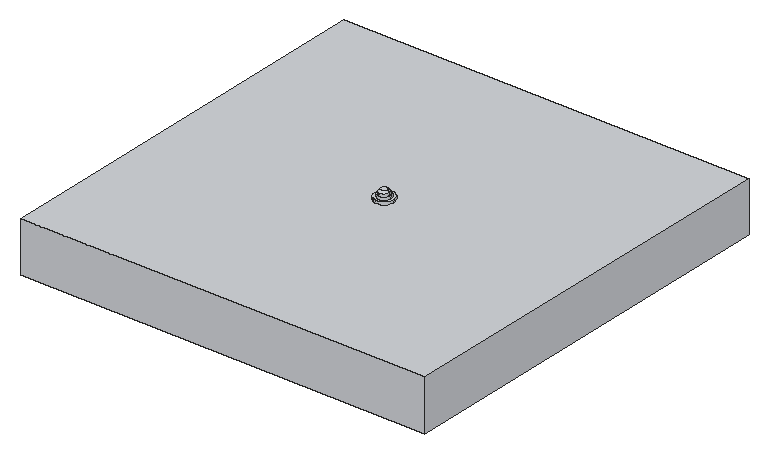
Revit family "M_Taxa de aumento do detector de calor", category Dispositivos de alarme de incêndio, Revit 2019
Family settings
  Hospedeiro = Face
  Manter orientação da anotação = Não
  Cota do conector redondo = Utilizar diâmetro
  Tipo de parte = Normal
  Número OmniClass = 23.85.30.21.11.11
  Título OmniClass = Fire/Smoke Detectors
  ID de item do Seek = Rate of Rise Heat Detector-0000-CAN-ENU
  Corte com vazios quando carregada = Não
  Compartilhado = Não
  Ponto de cálculo do ambiente = Não
Parameters (values of type "Padrão")
  Raio 2 = 19 mm
  Raio 3 = 29 mm
  Raio 1 = 38 mm
  Raio = Diâmetro * 0.5  # 58 mm
  Legenda = ""
  Diâmetro = 116 mm
  Material do detector = none
  Comprimento 3 = 13 mm
  Comprimento 2 = 13 mm
  Comprimento 1 = 13 mm
  Comprimento = 51 mm
  Elevação-padrão = 1200 mm
Types (4, lengths in mm): name | Legenda | Elevação-padrão
  (no name) | "" | 1200
  Padrão | "" | 1200
  200F | "200°" | 1219
  135F | "135°" | 1219
Reference planes
  plane 1 "Centro (Frente/Trás)": y = 0
  plane 2: z = 0
  plane 3 "Centro (Esquerda/Direita)": x = 0
  plane 4: z = 13
  plane 5: z = 51
  plane 6: z = 39
  plane 7: z = 26
Forms (mm)
  Extrusion 1, solid
    sketch origin (0, 0, 0) x (1, 0, 0) y (0, 1, 0)
      loop
        line (-1219.2, 1219.2) -> (-1219.2, -1219.2) -> (1219.2, -1219.2) -> (1219.2, 1219.2) -> (-1219.2, 1219.2)
    from 0 to -304.8
  Extrusion 2, solid, material <- "Material do detector"
    sketch origin (0, 0, 0) x (1, 0, 0) y (0, 1, 0)
      loop
        circle (0, 0) r 58
    from 0 to 13
  Extrusion 3, solid, material <- "Material do detector"
    sketch origin (0, 0, 0) x (1, 0, 0) y (0, 1, 0)
      loop
        circle (0, 0) r 38
    from 13 to 26
  Blend 4, solid, material <- "Material do detector"
    base sketch origin (0, 0, 0) x (1, 0, 0) y (0, 1, 0)
      loop
        circle (0, 0) r 29
    top sketch origin (0, 0, 0) x (1, 0, 0) y (0, 1, 0)
      loop
        circle (0, 0) r 19
    from 39 to 51
  Extrusion 5, solid, material <- "Material do detector"
    sketch origin (0, 0, 0) x (1, 0, 0) y (0, 1, 0)
      loop
        circle (0, 0) r 29
    from 26 to 39
Cuts and joins
  joined: Extrusion 2, Extrusion 3, Blend 4, Extrusion 5
Lines and regions (mm)
  symbolic lines, detail levels fine
    curve 1: arc (-58, 0, 0) -> (0, -58, 0) -> (58, 0, 0) r 58
    curve 2: arc (58, 0, 0) -> (0, 58, 0) -> (-58, 0, 0) r 58
    curve 3: arc (38, 0, 0) -> (0, 38, 0) -> (-38, 0, 0) r 38
    curve 4: arc (-38, 0, 0) -> (0, -38, 0) -> (38, 0, 0) r 38
    curve 5: arc (-29, 0, 0) -> (0, -29, 0) -> (29, 0, 0) r 29
    curve 6: arc (29, 0, 0) -> (0, 29, 0) -> (-29, 0, 0) r 29
    curve 7: arc (19, 0, 0) -> (0, 19, 0) -> (-19, 0, 0) r 19
    curve 8: arc (-19, 0, 0) -> (0, -19, 0) -> (19, 0, 0) r 19
Dimensions and locks
  "Comprimento 1": plane 4 to level
  "Comprimento": plane 5 to level
  "Comprimento 2": plane 7 to plane 4
  "Comprimento 3": plane 6 to plane 7
  "Raio": radius of Extrusion 2 sketch curve
  "Raio 1": radius of Extrusion 3 sketch curve
  "Raio 3": radius of Blend 4 sketch curve
  "Raio 2": radius of Blend 4 sketch curve
  "Raio 3": radius of Extrusion 5 sketch curve
  aligned and locked: plane 2 to Extrusion 1
  aligned and locked: level to Extrusion 1
  aligned and locked: Extrusion 2 to plane 2
  aligned and locked: plane 4 to Extrusion 2
  aligned and locked: Extrusion 3 to plane 4
  aligned and locked: plane 1 "Centro (Frente/Trás)" to Blend 4 sketch curve  (x2)
  aligned and locked: plane 3 "Centro (Esquerda/Direita)" to Blend 4 sketch curve  (x2)
  aligned and locked: plane 5 to Blend 4
  aligned and locked: Blend 4 to plane 6
  aligned and locked: Blend 4 to plane 5
  aligned and locked: plane 1 "Centro (Frente/Trás)" to Extrusion 2 sketch curve
  aligned and locked: plane 3 "Centro (Esquerda/Direita)" to Extrusion 2 sketch curve
  aligned and locked: plane 1 "Centro (Frente/Trás)" to Extrusion 3 sketch curve
  aligned and locked: plane 3 "Centro (Esquerda/Direita)" to Extrusion 3 sketch curve
  aligned and locked: plane 1 "Centro (Frente/Trás)" to Extrusion 5 sketch curve
  aligned and locked: plane 3 "Centro (Esquerda/Direita)" to Extrusion 5 sketch curve
  aligned and locked: plane 6 to Extrusion 5
  aligned and locked: plane 7 to cut or joined group of Extrusion 2, Extrusion 3, Blend 4, Extrusion 5  (x2)
  aligned and locked: cut or joined group of Extrusion 2, Extrusion 3, Blend 4, Extrusion 5 to plane 7
  aligned and locked: curve 1 to cut or joined group of Extrusion 2, Extrusion 3, Blend 4, Extrusion 5
  aligned and locked: curve 2 to cut or joined group of Extrusion 2, Extrusion 3, Blend 4, Extrusion 5
  aligned and locked: curve 3 to cut or joined group of Extrusion 2, Extrusion 3, Blend 4, Extrusion 5
  aligned and locked: curve 4 to cut or joined group of Extrusion 2, Extrusion 3, Blend 4, Extrusion 5
  aligned and locked: curve 5 to cut or joined group of Extrusion 2, Extrusion 3, Blend 4, Extrusion 5
  aligned and locked: curve 6 to cut or joined group of Extrusion 2, Extrusion 3, Blend 4, Extrusion 5
  aligned and locked: curve 7 to cut or joined group of Extrusion 2, Extrusion 3, Blend 4, Extrusion 5
  aligned and locked: curve 8 to cut or joined group of Extrusion 2, Extrusion 3, Blend 4, Extrusion 5
  aligned and locked: plane 1 "Centro (Frente/Trás)" to nested 1
  aligned and locked: nested 1 to plane 3 "Centro (Esquerda/Direita)"
Automatic sketch dimensions
  Extrusion 1 sketch curve to Extrusion 1 sketch curve = 2438.4 mm  (x2)
Nested families
  nested 1: "M_Anotação de detector de calor 1" at (0, 0, 0), type "Anotação do detector de calor 1", detail levels coarse+medium
Connectors
  electrical at (0, 0, 0)
    settings: on Extrusion 2, index 1, voltage 0 V, apparent load 0 VA, apparent load phase1 0 VA, apparent load phase2 0 VA, apparent load phase3 0 VA, power factor 1, load classification "Outros", number of poles 1, system type 11, power factor state 1, is connector primary yes, connector utility no, sub classification motor no, connector description ""
Definition of nested family "M_Anotação de detector de calor 1"
  Parameters
    Legenda 2 = ""
    Legenda 1 = "R"
  Reference planes
    plane 1: y = 0
    plane 2: x = 0
  Lines and regions (mm)
    reference lines
      curve 1: line (-15.09, 1.588, 0) -> (26.249, 1.587, 0)
    detail lines
      curve 2: line (0, 1.588, 0) -> (-1.375, 0.794, 0)
      curve 3: line (-1.375, 0.794, 0) -> (-1.375, -0.794, 0)
      curve 4: line (-1.375, -0.794, 0) -> (0, -1.588, 0)
      curve 5: line (0, -1.588, 0) -> (1.375, -0.794, 0)
      curve 6: line (1.375, -0.794, 0) -> (1.375, 0.794, 0)
      curve 7: line (1.375, 0.794, 0) -> (0, 1.588, 0)
  Text (mm)
    label "F" at (-0.804, -0.095, 0), shows "Legenda 1"
    label "200°" at (1.374, -1.124, 0), shows "Legenda 2"
  Dimensions and locks
    locked: plane 1 to curve 1 at 1.588
